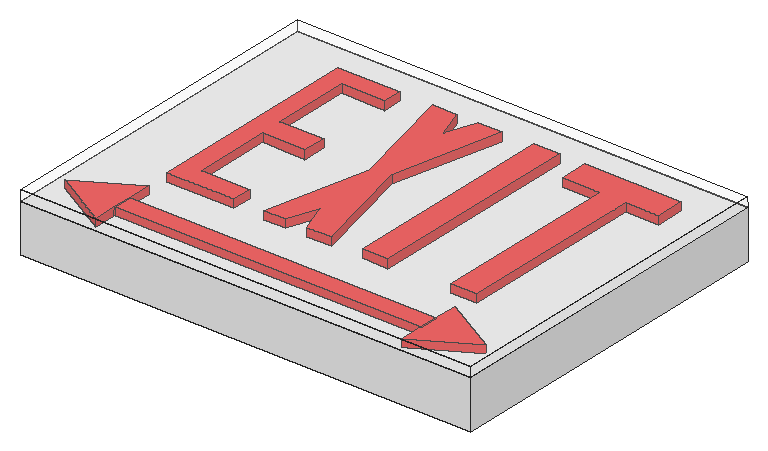
Revit family "CLS_Wall", category Lighting Fixtures, host Face, Revit 2021
Family settings
  Host = Face
  Round Connector Dimension = Use Diameter
  Part Type = Normal
  OmniClass Number = 23.80.70.11.21
  OmniClass Title = Emergency Lighting
  Cut with Voids When Loaded = No
  Light Source = No
  Shared = No
  Room Calculation Point = No
Parameters (values of type "CLS-S-EXIT-Double_Arrow")
  zz Length 1 [instance] = if([EXIT - Single Face], 0.200", 0.250")  # 0.200"
  Watts = 3.72 W
  Wattage Comments = "3.72 W"
  Warranty = "Fixture: 5 Years Full; Battery: 2 Years Full, 8 Years Pro-Rata"  # constant formula
  Wall Plate Material = Black
  Voltage [instance] = if(Is 120VAC, 120 V, 277 V)  # 120 V
  URL = "www.currentlighting.com/dual-Lite"
  Type Comments = "Exit Light"  # constant formula
  Product Page URL = ""
  Product Documentation Link = ""
  EXIT - Single Face = yes
  STAIR - Single Face = no
  Right Arrow - Single = yes
  Model = "CLS"
  Manufacturer = "DUAL-LITE"  # constant formula
  Load Classification = Lighting
  Lens = Red Glass
  Left Arrow - Single = yes
  Lamp = "LED Lamp"  # constant formula
  Is 277VAC [instance] = not(Is 120VAC)  # no
  Is 120VAC [instance] = yes
  Holder Material = Steel
  Glass = light Glass
  Finish = White
  Features = "Improved one-piece design in AC or emergency operation\r\nHighly reliable and energy efficient LED illumination\r\nLong lasting Nickel Cadmium Battery\r\nGlass panels with EXIT or STAIRS"  # constant formula
  End = C : C1
  Description = "The CLS Series offers bright and even LED EXIT or STAIRS glass panel illumination with Red letters, white LED's and a 20 gauge, durable steel housing. Features include AC or Emergency operation in single or double face. 120/277 VAC input. City of Chicago approved."  # constant formula
  Default Elevation = 48.000"
  Certification = "UL 924 Listed\r\nNFPA 101 Life Safety Code\r\nCEC T20 Compliant"  # constant formula
  Arrow Base - Single = yes
  Application = "The Sempra® MR Series are a set of compact, low-profile Master/\r\nRemote exit sign featuring cast aluminum construction. It allows for\r\neasy installation and has energy saving, long-life LED lamps. "  # constant formula
  Apparent Load = Watts  # 3.72 VA
Types (8): name | zz Length 1 | EXIT - Single Face | STAIR - Single Face | Right Arrow - Single | Left Arrow - Single | Glass | Arrow Base - Single
  CLS-S-EXIT-No_arrows | 0.200" | yes | no | no | no | light Glass | no
  CLS-S-EXIT-Right_Arrow | 0.200" | yes | no | yes | no | light Glass | yes
  CLS-S-EXIT-Left_Arrow | 0.200" | yes | no | no | yes | light Glass | yes
  CLS-S-EXIT-Double_Arrow | 0.200" | yes | no | yes | yes | light Glass | yes
  CLS-S-STAIRS-No_Arrows | 0.250" | no | yes | no | no | Glass | no
  CLS-S-STAIRS-Right_Arrow | 0.250" | no | yes | yes | no | Glass | yes
  CLS-S-STAIRS-Left_Arrow | 0.250" | no | yes | no | yes | Glass | yes
  CLS-S-STAIRS-Double_Arrow | 0.250" | no | yes | yes | yes | Glass | yes
Reference planes (in)
  plane 1 "Center (Front/Back)": y = 0
  plane 2: z = 0
  plane 3 "Center (Left/Right)": x = 0
  plane 4: x = -6.25
  plane 5: x = 6.25
  plane 6: x = -2.75
  plane 7: x = 2.75
  plane 8: z = 9.3
  plane 9: y = -1.25
  plane 10: y = 1.25
  plane 11: y = -2.2
  plane 12: y = 2.2
Dimensions and locks (in)
  plane 4 to plane 3 "Center (Left/Right)" = 6.250"
  equal spacing: plane 4, plane 3 "Center (Left/Right)", plane 5
  equal spacing: plane 6, plane 3 "Center (Left/Right)", plane 7
  plane 6 to plane 3 "Center (Left/Right)" = 2.750"
  plane 7 to plane 6 = 5.500"
  plane 5 to plane 4 = 12.500"
  aligned and locked: plane 2 to host face
  aligned and locked: level to host face
Automatic sketch dimensions
  host sketch curve to host sketch curve = 96.000"  (x2)
Nested families (in)
  nested 1: "C" at (-0.14499, 0, -0.73324), type <- "End", type "C1"
Connectors (in)
  electrical at (-0.14499, -0.05926, 0.76258)
    settings: on nested 1, index 1, voltage 120 V, apparent load 3 VA, apparent load phase1 0 VA, apparent load phase2 0 VA, apparent load phase3 0 VA, power factor 1, load classification "Other", number of poles 1, system type 30, power factor state 1, is connector primary yes, connector utility no, sub classification motor no, connector description ""
Definition of nested family "C"
  Parameters
    STAIRS-Single Face = no
    EXIT-Single Face = yes
    Right Arrow - Single = yes
    Lens = none
    Left Arrow - Single = no
    Glass = none
    Finish = none
    EXIT-Double Face = no
    Default Elevation = 0.000"
    Arrow base - Single = yes
  Reference planes (in)
    plane 1 "Center (Front/Back)": y = 0
    plane 2: z = 0
    plane 3 "Center (Left/Right)": x = 0
    plane 4: x = -5.625
    plane 5: x = 5.625
    plane 6: y = 0.866
    plane 7: y = -0.866
    plane 8: z = 12.375
  Forms (in)
    Extrusion 1, solid, material <- "Finish"
      sketch origin (0, -4.83426, 0.87082) x (-1, 0, 0) y (0, -1, 0)
        loop
          line (-5.875, -9.3) -> (5.875, -9.3) -> (5.875, -0.25) -> (-5.875, -0.25) -> (-5.875, -9.3)
      from -0.625 to 0.625
    Extrusion 2, solid, material <- "Glass", visible <- "EXIT-Single Face"
      sketch origin (0, -4.83426, 0.87082) x (-1, 0, 0) y (0, -1, 0)
        loop
          line (-5.875, -9.305) -> (5.875, -9.305) -> (5.875, -0.25) -> (-5.875, -0.25) -> (-5.875, -9.305)
      from 0.625 to 0.89107
    Extrusion 3, solid, material <- "Lens", visible <- "EXIT-Single Face"
      sketch origin (0, -2.95926, 2.33957) x (0, 1, 0) y (1, 0, 0)
        loop
          line (6.45678, -2.43416) -> (5.97564, -2.43416) -> (5.97564, -3.5716) -> (3.97225, -3.5716) -> (3.97225, -2.43416) -> (3.36683, -2.43416) -> (3.3823, -3.55274) -> (1.3823, -3.55274) -> (1.3823, -2.30274) -> (0.8823, -2.30274) -> (0.8823, -4.05274) -> (6.45678, -4.05274) -> (6.45678, -2.43416)
        loop
          line (6.45573, -1.58093) -> (6.45573, -0.95036) -> (5.69418, -0.67318) -> (6.45573, -0.396) -> (6.45573, 0.23457) -> (3.66954, -0.40867) -> (0.88335, 0.23457) -> (0.88335, -0.396) -> (1.64489, -0.67318) -> (0.88335, -0.95036) -> (0.88335, -1.53078) -> (3.56092, -0.91261) -> (6.45573, -1.58093)
        loop
          line (6.47228, 1.71319) -> (0.88335, 1.71319) -> (0.88335, 1.04357) -> (6.47228, 1.04357) -> (6.47228, 1.71319)
        loop
          line (6.47228, 4.89234) -> (5.74075, 4.89234) -> (5.74075, 4.02003) -> (0.88335, 4.02003) -> (0.88335, 3.35041) -> (5.74075, 3.35041) -> (5.74075, 2.38057) -> (6.47228, 2.38057) -> (6.47228, 4.89234)
      from 0.625 to 0.84093
    Extrusion 4, solid, material <- "Glass", visible <- "EXIT-Double Face"
      sketch origin (0, -4.83426, 2.30832) x (0, 1, 0) y (1, 0, 0)
        loop
          line (9.3, -5.875) -> (9.3, 5.875) -> (0.25, 5.875) -> (0.25, -5.875) -> (9.3, -5.875)
      from 0.625 to 0.84093
    Extrusion 5, solid, material <- "Lens", not visible
      sketch origin (5.9025, -0.05676, 2.33339) x (0, -1, 0) y (1, 0, 0)
        loop
          line (3.26823, -9.93122) -> (3.76823, -9.93122) -> (3.76823, -1.93122) -> (3.26823, -1.93122) -> (3.26823, -9.93122)
      from -0.866 to -0.65007
    Extrusion 6, solid, material <- "Lens", not visible
      sketch origin (5.9025, -0.05676, 2.33339) x (0, -1, 0) y (1, 0, 0)
        loop
          line (4.39221, -9.92839) -> (3.77618, -9.92839) -> (3.27618, -9.92839) -> (2.66016, -9.92839) -> (3.52618, -11.42839) -> (4.39221, -9.92839)
      from -0.866 to -0.65007
    Extrusion 7, solid, material <- "Lens", not visible
      sketch origin (-5.95995, -0.05676, 2.33339) x (0, -1, 0) y (1, 0, 0)
        loop
          line (4.39221, 9.92839) -> (3.52618, 11.42839) -> (2.66016, 9.92839) -> (3.27618, 9.92839) -> (3.77618, 9.92839) -> (4.39221, 9.92839)
      from -0.866 to -0.65007
    Extrusion 8, solid, material <- "Lens", visible <- "Arrow base - Single"
      sketch origin (5.9025, -0.05676, 2.33339) x (-1, 0, 0) y (0, -1, 0)
        loop
          line (9.93122, 3.26823) -> (9.93122, 3.76823) -> (1.93122, 3.76823) -> (1.93122, 3.26823) -> (9.93122, 3.26823)
      from -0.866 to -0.65007
    Extrusion 9, solid, material <- "Lens", visible <- "Left Arrow - Single"
      sketch origin (5.9025, -0.05676, 2.33339) x (-1, 0, 0) y (0, -1, 0)
        loop
          line (9.92839, 4.39221) -> (9.92839, 3.77618) -> (9.92839, 3.27618) -> (9.92839, 2.66016) -> (11.42839, 3.52618) -> (9.92839, 4.39221)
      from -0.866 to -0.65007
    Extrusion 10, solid, material <- "Lens", visible <- "Right Arrow - Single"
      sketch origin (-5.95995, -0.05676, 2.33339) x (-1, 0, 0) y (0, -1, 0)
        loop
          line (-9.92839, 4.39221) -> (-11.42839, 3.52618) -> (-9.92839, 2.66016) -> (-9.92839, 3.27618) -> (-9.92839, 3.77618) -> (-9.92839, 4.39221)
      from -0.866 to -0.65007
    Extrusion 11, solid, material <- "Lens", visible <- "STAIRS-Single Face"
      sketch origin (-5.9025, 0.50574, 0.89589) x (-1, 0, 0) y (0, -1, 0)
        loop
          line (-2.19677, -1.88113) -> (-2.19677, -2.69478)
          arc (-2.19677, -2.69478) -> (-2.12355, -2.87155) -> (-1.94677, -2.94478) r 0.25
          line (-1.94677, -2.94478) -> (-0.54083, -2.94478)
          arc (-0.54083, -2.94478) -> (-0.29754, -2.84401) -> (-0.19677, -2.60072) r 0.34405
          line (-0.19677, -2.60072) -> (-0.19677, -0.02929)
          arc (-0.19677, -0.02929) -> (-0.3039, 0.22934) -> (-0.56253, 0.33647) r 0.36576
          line (-0.56253, 0.33647) -> (-1.31851, 0.33647)
          arc (-1.31851, 0.33647) -> (-1.45185, 0.375) -> (-1.54409, 0.47871) r 0.25
          line (-1.54409, 0.47871) -> (-1.54409, 2.31495)
          arc (-1.54409, 2.31495) -> (-1.49236, 2.43984) -> (-1.36747, 2.49157) r 0.17663
          line (-1.36747, 2.49157) -> (-1.16329, 2.49157)
          arc (-1.16329, 2.49157) -> (-1.079, 2.45666) -> (-1.04409, 2.37237) r 0.1192
          line (-1.04409, 2.37237) -> (-1.04409, 1.99157) -> (-0.25958, 1.99157) -> (-0.25958, 2.80522)
          arc (-0.25958, 2.80522) -> (-0.3328, 2.982) -> (-0.50958, 3.05522) r 0.25
          line (-0.50958, 3.05522) -> (-1.91552, 3.05522)
          arc (-1.91552, 3.05522) -> (-2.07394, 3.01658) -> (-2.19677, 2.90934) r 0.34405
          line (-2.19677, 2.90934) -> (-2.19677, -0.09988)
          arc (-2.19677, -0.09988) -> (-2.12355, -0.27666) -> (-1.94677, -0.34988) r 0.25
          line (-1.94677, -0.34988) -> (-1.16226, -0.34988)
          arc (-1.16226, -0.34988) -> (-0.98548, -0.4231) -> (-0.91226, -0.59988) r 0.25
          line (-0.91226, -0.59988) -> (-0.91226, -2.20451)
          arc (-0.91226, -2.20451) -> (-0.96399, -2.3294) -> (-1.08888, -2.38113) r 0.17663
          line (-1.08888, -2.38113) -> (-1.29306, -2.38113)
          arc (-1.29306, -2.38113) -> (-1.37735, -2.34622) -> (-1.41226, -2.26193) r 0.1192
          line (-1.41226, -2.26193) -> (-1.41226, -1.88113) -> (-2.19677, -1.88113)
        loop
          line (-4.66984, -2.91247) -> (-2.47057, -2.91247) -> (-2.47057, -2.0247) -> (-3.21788, -2.0247) -> (-3.21788, 3.05145) -> (-3.8875, 3.05145) -> (-3.8875, -2.0247) -> (-4.66984, -2.0247) -> (-4.66984, -2.91247)
        loop
          line (-6.63357, -2.94372) -> (-6.63357, 3.05926) -> (-7.30319, 3.05926) -> (-7.30319, -2.94372) -> (-6.63357, -2.94372)
        loop
          line (-5.08785, -2.91247) -> (-4.35511, 3.05522) -> (-5.10511, 3.05522) -> (-5.3912, 1.58343) -> (-5.73818, 3.05522) -> (-6.48818, 3.05522) -> (-5.78633, -2.91247) -> (-5.08785, -2.91247)
        loop
          line (-5.38371, 0.65691) -> (-5.29169, 1.13031) -> (-5.49532, 1.13031) -> (-5.38371, 0.65691)
        loop
          line (-7.44857, -2.94372) -> (-7.44857, 3.05926) -> (-8.11819, 3.05926) -> (-8.11819, 1.15884) -> (-8.56662, 3.06092) -> (-9.31662, 3.06092) -> (-8.5125, -0.34988) -> (-9.02445, -0.34988)
          arc (-9.02445, -0.34988) -> (-9.26751, -0.45056) -> (-9.36819, -0.69362) r 0.34374
          line (-9.36819, -0.69362) -> (-9.36819, -2.69372)
          arc (-9.36819, -2.69372) -> (-9.29497, -2.8705) -> (-9.11819, -2.94372) r 0.25
          line (-9.11819, -2.94372) -> (-8.11819, -2.94372) -> (-7.44857, -2.94372)
        loop
          arc (-8.28281, -2.19372) -> (-8.16641, -2.14551) -> (-8.11819, -2.0291) r 0.16462
          line (-8.11819, -2.0291) -> (-8.11819, -1.11412)
          arc (-8.11819, -1.11412) -> (-8.1681, -0.99363) -> (-8.28859, -0.94372) r 0.1704
          line (-8.28859, -0.94372) -> (-8.61819, -0.94372)
          arc (-8.61819, -0.94372) -> (-8.79497, -1.01695) -> (-8.86819, -1.19372) r 0.25
          line (-8.86819, -1.19372) -> (-8.86819, -1.89265)
          arc (-8.86819, -1.89265) -> (-8.78001, -2.10554) -> (-8.56711, -2.19372) r 0.30108
          line (-8.56711, -2.19372) -> (-8.28281, -2.19372)
        loop
          line (-11.63427, -1.88113) -> (-11.63427, -2.69478)
          arc (-11.63427, -2.69478) -> (-11.56105, -2.87155) -> (-11.38427, -2.94478) r 0.25
          line (-11.38427, -2.94478) -> (-9.97833, -2.94478)
          arc (-9.97833, -2.94478) -> (-9.73504, -2.84401) -> (-9.63427, -2.60072) r 0.34405
          line (-9.63427, -2.60072) -> (-9.63427, -0.02929)
          arc (-9.63427, -0.02929) -> (-9.7414, 0.22934) -> (-10.00003, 0.33647) r 0.36576
          line (-10.00003, 0.33647) -> (-10.75601, 0.33647)
          arc (-10.75601, 0.33647) -> (-10.88935, 0.375) -> (-10.98159, 0.47871) r 0.25
          line (-10.98159, 0.47871) -> (-10.98159, 2.31495)
          arc (-10.98159, 2.31495) -> (-10.92986, 2.43984) -> (-10.80497, 2.49157) r 0.17663
          line (-10.80497, 2.49157) -> (-10.60079, 2.49157)
          arc (-10.60079, 2.49157) -> (-10.5165, 2.45666) -> (-10.48159, 2.37237) r 0.1192
          line (-10.48159, 2.37237) -> (-10.48159, 1.99157) -> (-9.69708, 1.99157) -> (-9.69708, 2.80522)
          arc (-9.69708, 2.80522) -> (-9.7703, 2.982) -> (-9.94708, 3.05522) r 0.25
          line (-9.94708, 3.05522) -> (-11.35302, 3.05522)
          arc (-11.35302, 3.05522) -> (-11.51144, 3.01658) -> (-11.63427, 2.90934) r 0.34405
          line (-11.63427, 2.90934) -> (-11.63427, -0.09988)
          arc (-11.63427, -0.09988) -> (-11.56105, -0.27666) -> (-11.38427, -0.34988) r 0.25
          line (-11.38427, -0.34988) -> (-10.59976, -0.34988)
          arc (-10.59976, -0.34988) -> (-10.42298, -0.4231) -> (-10.34976, -0.59988) r 0.25
          line (-10.34976, -0.59988) -> (-10.34976, -2.20451)
          arc (-10.34976, -2.20451) -> (-10.40149, -2.3294) -> (-10.52638, -2.38113) r 0.17663
          line (-10.52638, -2.38113) -> (-10.73056, -2.38113)
          arc (-10.73056, -2.38113) -> (-10.81485, -2.34622) -> (-10.84976, -2.26193) r 0.1192
          line (-10.84976, -2.26193) -> (-10.84976, -1.88113) -> (-11.63427, -1.88113)
      from 0.59993 to 0.866
  Dimensions and locks (in)
    plane 8 to plane 2 = 12.375"
    plane 5 to plane 3 "Center (Left/Right)" to plane 4 = 5.625", 5.625"
    plane 5 to plane 4 = 11.250"
    aligned and locked: plane 2 to level
